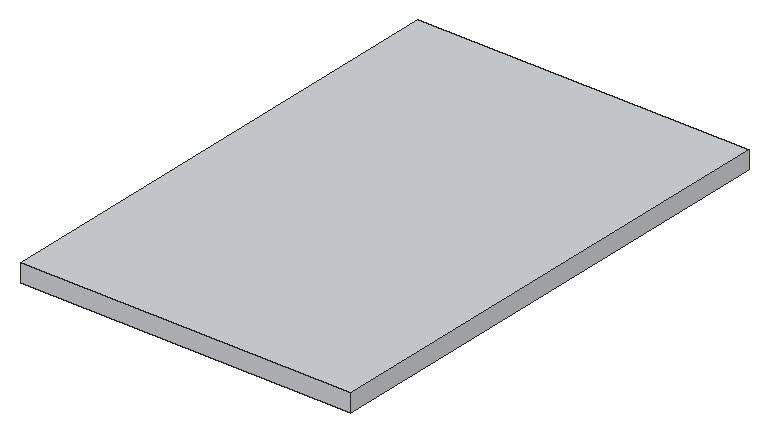
Revit family "PFSB2 0600xxx", category Leuchten, Revit 2020
Family settings
  Basisbauteil = Fläche
  Bemaßung runder Anschluss = Durchmesser verwenden
  Teiletyp = Normal
  OmniClass-Nummer = 23.80.70.11
  OmniClass-Titel = Luminaries for Internal Lighting
  Beim Laden mit Abzugskörper schneiden = Nein
  Lichtquelle = Ja
  Gemeinsam genutzt = Nein
  Raumberechnungspunkt = Nein
Parameters (values of type "PFSB2 0600FLLG840O0250")
  width = 65 mm  # constant formula
  weight = "0,6 kg"  # constant formula
  voltage type (AC, DC, UC) = "AC"
  rated input power = 17
  product name = "PFSB2 0600FLLG840O0250"
  nominal voltage = "230"
  nominal frequency = "50-60Hz"
  length = 620 mm  # constant formula
  ingress protection (IP) code = "IP65"
  height = 65 mm  # constant formula
  electrical safety class = "1"
  control gear = ""
  conformity mark = "CE"  # constant formula
  brand = "RIDI"
  approval mark = ""
  built-in parameter 1150104 = 13.8 (stored number, unit not read)
  Wattage = 15.3492 W
  Von Breite des Rechtecks ausssenden = 513 mm
  Von Länge des Rechtecks aussenden = 60 mm
  Default Elevation = 0 mm
  built-in parameter 1150113 = 1 (stored number, unit not read)
  built-in parameter 1114218 = 1 (stored number, unit not read)
  URL = "www.ridi.de"
  built-in parameter 1150134 = 12
  built-in parameter 1150109 = 1 (stored number, unit not read)
  built-in parameter 1150110 = 1 (stored number, unit not read)
  Apparent Load = 17 VA
  Tilt Angle = 90.00°
  Modell = "0921262BH"
  built-in parameter 1114217 = 1 (stored number, unit not read)
  built-in parameter 1150139 = (empty or 0)
  built-in parameter 1150105 = 615.81 (stored number, unit not read)
  built-in parameter 1150114 = 1 (stored number, unit not read)
  Lumens = 2280 lm
  built-in parameter 1150115 = 1 (stored number, unit not read)
  built-in parameter 1150112 = 1 (stored number, unit not read)
  Lampe = "LED"
  Hersteller = "RIDI Leuchten GmbH"  # constant formula
  Dimming Lamp Color Temperature Shift = (empty or 0)
  Color Filter = 16777215
  built-in parameter 1150133 = 10 (stored number, unit not read)
  Emit Shape Visible in Rendering = no
  built-in parameter 1150137 = (empty or 0)
  built-in parameter 1150132 = 2
  Datei für fotometrisches Netz = "Master_PFSB2.IES"
  Copyright = "© RIDI. All rights reserved."  # constant formula
  built-in parameter 1150106 = 6.1581 (stored number, unit not read)
  Baugruppenkennzeichen = "D5020200"
  built-in parameter 1150107 = 4000 (stored number, unit not read)
  built-in parameter 1150102 = (empty or 0)
  built-in parameter 1150138 = (empty or 0)
Reference planes
  plane 1 "Mitte (Vorne/hinten)": y = 0
  plane 2: z = 0
  plane 3 "Mitte (Links/rechts)": x = 0
Forms (mm)
  Extrusion 1, solid
    sketch origin (219.2, 280.8, 0) x (1, 0, 0) y (0, 1, 0)
      loop
        line (-1219.2, 1219.2) -> (-1219.2, -1780.8) -> (780.8, -1780.8) -> (780.8, 1219.2) -> (-1219.2, 1219.2)
    from 0 to -107.307
Dimensions and locks
  aligned and locked: plane 2 to Extrusion 1
  aligned and locked: imposter light to plane 3 "Mitte (Links/rechts)"
  aligned and locked: Extrusion 1 to import instance
  aligned and locked: imposter light to import instance
Connectors
  electrical at (0, -294.6, 32.5), driven by "Apparent Load"
    settings: on import instance, index 1, voltage 230 V, apparent load 0 VA, apparent load phase1 17 VA, apparent load phase2 0 VA, apparent load phase3 0 VA, power factor 1, load classification "Lighting", number of poles 1, system type 31, power factor state 1, is connector primary yes, connector utility no, sub classification motor no, connector description ""
  electrical at (0, 294.6, 32.5), driven by "Apparent Load"
    settings: on import instance, index 2, voltage 230 V, apparent load 0 VA, apparent load phase1 17 VA, apparent load phase2 0 VA, apparent load phase3 0 VA, power factor 1, load classification "Lighting", number of poles 1, system type 31, power factor state 1, is connector primary no, connector utility no, sub classification motor no, connector description ""
